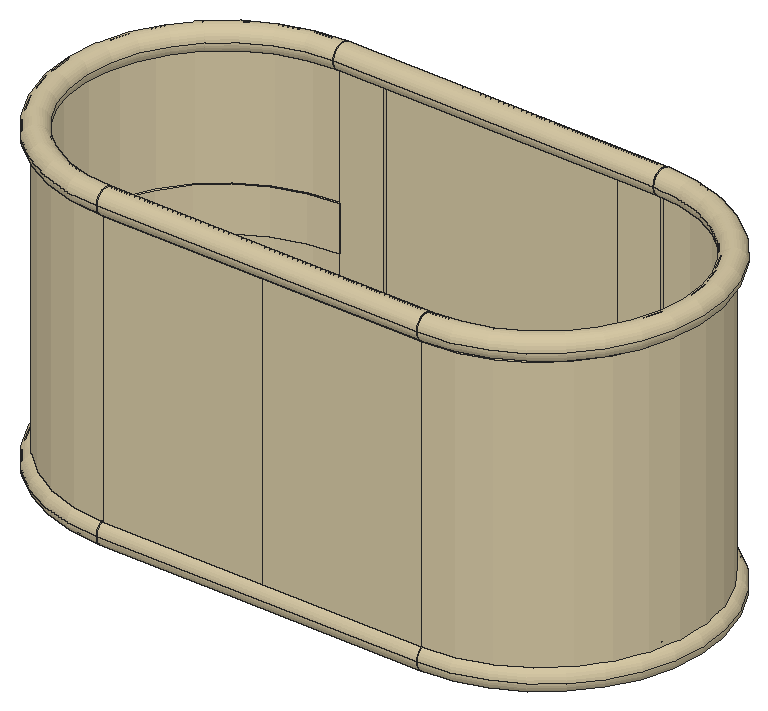
Revit family "1414-F", category Meble, Revit 2021
Family settings
  Numer OmniClass = 23.40.20.00
  Tytuł OmniClass = General Furniture and Specialties
  Oparty na płaszczyźnie roboczej = Nie
  Zawsze pionowo = Tak
  Tnij formami wycięć po wczytaniu = Nie
  Współdzielony = Nie
  Punkt obliczania pomieszczeń = Nie
Parameters (values of type "1414-F")
  metal = Mobilis Design RAL 1000
  Width = "45 cm"
  Weight = "40 kg"
  URL = ""
  Size = "130 L"
  Product Line = "Phoenix"
  Product Groups = ""
  Manufacturer = ""
  Keynote = ""
  Description = ""
  Model = "1414-F"
  Material = ""
  Maintenance = ""
  Lenght = "90 cm"
  Type Comments = ""
  Mobilis Design Materials = ""
  Hosted on = ""
  Height = "46 cm"
  Domyślna rzędna = 0 mm
  Copyright = "All designs and drawings are the common intellectual property of Lars Laj A/S and Tress and are protected by Danish and international copyright laws."
Reference planes
  plane 1: z = 0
  plane 2 "Środek (Lewa/Prawa)": x = 0
  plane 3 "Środek": y = 257.204
Forms (mm)
  Extrusion 1, solid, material "Mobilis Design RAL 1000" <- "metal", not visible
    sketch origin (0, 0, 0) x (0, 1, 0) y (0, 0, 1)
      loop
        arc (71.187, 451.5) -> (57.045, 445.642) -> (51.187, 431.5) r 20
        line (51.187, 431.5) -> (51.187, 18.231)
        arc (51.187, 18.231) -> (56.527, 5.34) -> (69.418, 0) r 18.231
        line (69.418, 0) -> (153.638, 0) -> (153.638, 15) -> (448.638, 15) -> (448.638, 0) -> (527.023, 0)
        arc (527.023, 0) -> (542.307, 6.331) -> (548.638, 21.615) r 21.615
        line (548.638, 21.615) -> (548.638, 429.407)
        arc (548.638, 429.407) -> (542.168, 445.029) -> (526.545, 451.5) r 22.093
        line (526.545, 451.5) -> (71.187, 451.5)
    from 750.378 to 745
  Extrusion 2, solid, material "Mobilis Design RAL 1000" <- "metal", not visible
    sketch origin (0, 0, 0) x (0, 1, 0) y (0, 0, 1)
      loop
        line (548.638, 396.844) -> (629.375, 854.725) -> (601.836, 859.581)
        arc (601.836, 859.581) -> (585.224, 855.898) -> (576.082, 841.547) r 22.232
        line (576.082, 841.547) -> (507.306, 451.5) -> (526.545, 451.5)
        arc (526.545, 451.5) -> (542.168, 445.029) -> (548.638, 429.407) r 22.093
        line (548.638, 429.407) -> (548.638, 396.844)
    from 745 to 750.378
  Extrusion 3, solid, material "Mobilis Design RAL 1000" <- "metal"
    sketch origin (0, 0, 0) x (1, 0, 0) y (0, 1, 0)
      loop
        arc (-222.545, 468.924) -> (-434.324, 257.145) -> (-222.545, 45.366) r 211.779
        line (-222.545, 45.366) -> (222.825, 45.366)
        arc (222.825, 45.366) -> (434.604, 257.145) -> (222.825, 468.924) r 211.779
        line (222.825, 468.924) -> (-222.545, 468.924)
      loop
        arc (-222.602, 469.384) -> (-436.347, 255.64) -> (-222.602, 41.895) r 213.745
        line (-222.602, 41.895) -> (0.192, 41.895) -> (224.479, 41.895)
        arc (224.479, 41.895) -> (438.224, 255.64) -> (224.479, 469.384) r 213.745
        line (224.479, 469.384) -> (0.192, 469.384) -> (-222.602, 469.384)
    from 41.439 to 426.55
  Sweep 4, solid, material "Mobilis Design RAL 1000" <- "metal"
    path origin (0, 0, 0) x (1, 0, 0) y (0, 1, 0)
      loop
        arc (225.192, 448.704) -> (416.492, 257.404) -> (225.192, 66.104) r 191.3
    profile origin (416.492, 257.404, 0) x (1, 0, 0) y (0, 0, 1)
      loop
        circle (16.745, 27.135) r 16.8
      loop
        circle (16.745, 27.135) r 15
      loop
        circle (16.745, 443.371) r 16.8
      loop
        circle (16.745, 443.371) r 15
  Sweep 5, solid, material "Mobilis Design RAL 1000" <- "metal"
    path origin (0, 0, 0) x (-1, 0, 0) y (0, -1, 0)
      loop
        arc (225.192, -448.704) -> (416.492, -257.404) -> (225.192, -66.104) r 191.3
    profile origin (-416.492, 257.404, 0) x (1, 0, 0) y (0, 0, 1)
      loop
        circle (-16.745, 27.135) r 16.8
      loop
        circle (-16.745, 27.135) r 15
      loop
        circle (-16.745, 443.371) r 16.8
      loop
        circle (-16.745, 443.371) r 15
  Extrusion 6, solid, material "Mobilis Design RAL 1000" <- "metal"
    sketch origin (0, 0, 0) x (0, 1, 0) y (0, 0, 1)
      loop
        circle (465.449, 443.371) r 15
      loop
        circle (465.449, 443.371) r 16.8
      loop
        circle (49.359, 443.371) r 15
      loop
        circle (49.359, 443.371) r 16.8
      loop
        circle (49.359, 27.135) r 16.8
      loop
        circle (49.359, 27.135) r 15
      loop
        circle (465.449, 27.135) r 15
      loop
        circle (465.449, 27.135) r 16.8
    from -225.192 to 225.192
  Extrusion 7, solid, material "Mobilis Design RAL 1000" <- "metal"
    sketch origin (0, 0.13, 0) x (1, 0, 0) y (0, 1, 0)
      loop
        arc (-229.979, 465.067) -> (-433.734, 264.5) -> (-246.536, 48.399) r 208.921
        line (-246.536, 48.399) -> (0.192, 48.399) -> (245.309, 48.399)
        arc (245.309, 48.399) -> (434.45, 263.593) -> (230.756, 465.067) r 208.822
        line (230.756, 465.067) -> (-229.979, 465.067)
    from 10.408 to 11.948
  Extrusion 8, solid, material "Mobilis Design RAL 1000" <- "metal"
    sketch origin (0, 0, 0) x (1, 0, 0) y (0, 1, 0)
      loop
        line (-419.43, 288.487) -> (-419.43, 228.487) -> (421.715, 228.487) -> (421.715, 288.487) -> (-419.43, 288.487)
    from 0 to 10.408
  Extrusion 9, solid, material "Mobilis Design RAL 1000" <- "metal"
    sketch origin (0, 0, 0) x (1, 0, 0) y (0, 1, 0)
      loop
        line (-163.819, 288.487) -> (-163.819, 450.449) -> (-225.192, 450.449) -> (-225.192, 288.487) -> (-163.819, 288.487)
      loop
        line (165.069, 288.487) -> (226.442, 288.487) -> (226.442, 450.449) -> (165.069, 450.449) -> (165.069, 288.487)
      loop
        line (-163.819, 225.921) -> (-225.192, 225.921) -> (-225.192, 63.959) -> (-163.819, 63.959) -> (-163.819, 225.921)
      loop
        line (165.069, 225.921) -> (165.069, 63.959) -> (226.442, 63.959) -> (226.442, 225.921) -> (165.069, 225.921)
    from 11.5 to 10.408
  Extrusion 10, solid, material "Mobilis Design RAL 1000" <- "metal"
    sketch origin (0, 0, 0) x (1, 0, 0) y (0, 1, 0)
      loop
        line (-218.819, 449.098) -> (-218.819, 399.098) -> (-168.819, 399.098) -> (-168.819, 449.098) -> (-218.819, 449.098)
      loop
        line (171.181, 449.098) -> (171.181, 399.098) -> (221.181, 399.098) -> (221.181, 449.098) -> (171.181, 449.098)
      loop
        line (171.181, 117.875) -> (171.181, 67.875) -> (221.181, 67.875) -> (221.181, 117.875) -> (171.181, 117.875)
      loop
        line (-218.819, 117.875) -> (-218.819, 67.875) -> (-168.819, 67.875) -> (-168.819, 117.875) -> (-218.819, 117.875)
    from 0 to 10.408
  Extrusion 11, solid, material "Mobilis Design RAL 1000" <- "metal"
    sketch origin (0, 0, 0) x (1, 0, 0) y (0, 1, 0)
      loop
        line (164.629, 465.394) -> (164.629, 461.779) -> (226.019, 461.779) -> (226.019, 465.394) -> (164.629, 465.394)
      loop
        line (-164.629, 465.394) -> (-226.019, 465.394) -> (-226.019, 461.779) -> (-164.629, 461.779) -> (-164.629, 465.394)
      loop
        line (164.629, 49.013) -> (226.019, 49.013) -> (226.019, 50.833) -> (164.629, 50.833) -> (164.629, 49.013)
      loop
        line (-164.629, 45.366) -> (-164.629, 49.801) -> (-226.019, 49.801) -> (-226.019, 45.366) -> (-164.629, 45.366)
    from 45.2 to 427.8
  Extrusion 12, solid, material "Mobilis Design RAL 1000" <- "metal"
    sketch origin (0, -0.625, 0) x (1, 0, 0) y (0, 1, 0)
      loop
        arc (-226.019, 465.254) -> (-433.898, 256.335) -> (-226.019, 47.416) r 208.921
        line (-226.019, 47.416) -> (-226.019, 50.416)
        arc (-226.019, 50.416) -> (-430.898, 256.335) -> (-226.019, 462.254) r 205.921
        line (-226.019, 462.254) -> (-226.019, 465.254)
    from 194.728 to 257.663
  Extrusion 13, solid, material "Mobilis Design RAL 1000" <- "metal"
    sketch origin (0, 0.312, 0) x (-1, 0, 0) y (0, -1, 0)
      loop
        line (-226.019, -465.254) -> (-226.019, -462.254)
        arc (-226.019, -462.254) -> (-430.898, -256.335) -> (-226.019, -50.416) r 205.921
        line (-226.019, -50.416) -> (-226.019, -47.416)
        arc (-226.019, -47.416) -> (-433.898, -256.335) -> (-226.019, -465.254) r 208.921
    from 194.728 to 257.663
Dimensions and locks
  aligned and locked: level to plane 1
